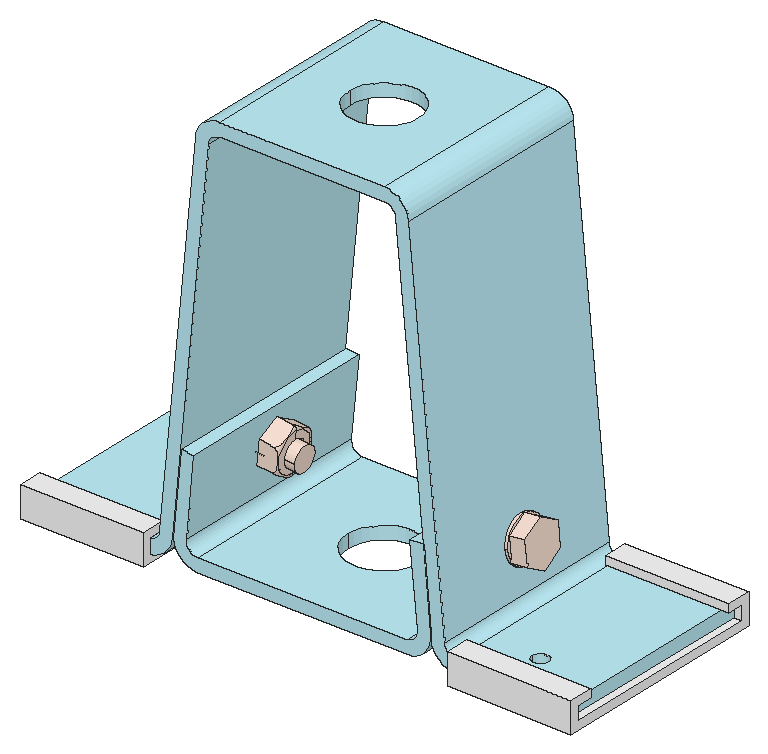
Revit family "standardstand_h100", category 機械設備, Revit 2022
Family settings
  丸型コネクタ寸法 = 直径を使用
  種別 = なし
  パーツ タイプ = 標準
  作業面ベース = いいえ
  常に垂直 = はい
  ロード時にボイドで切り取り = いいえ
  注釈の向きを維持 = いいえ
  共有 = いいえ
  部屋計算ポイント = いいえ
Parameters
  製造元 = "株式会社桐井製作所"
  既定の高さ = 0 mm
  URL = "https://www.kirii.co.jp/"
  K_表面処理 = "Z12以上"
  K_材質 = "溶融亜鉛めっき鋼板及び鋼帯及び鋼帯 JIS G 3302"
  K_名称 = "スタンド (スタンダードタイプ用)H=100"
  K_単位質量(kg/個) = 0.531
  K_備考 = "ボルト長さ300mmまで対応"
  K_バージョン情報 = "20221219"
Reference planes
  plane 1 "中心(正面/背面)": y = 0
  plane 2: z = 0
  plane 3 "中心(左/右)": x = 0
Forms (mm)
  Extrusion 1, solid
    sketch origin (0, 0, 0) x (1, 0, 0) y (0, 0, 1)
      loop
        arc (-20.028, 102.001) -> (-24.061, 100.444) -> (-26, 96.581) r 6
        line (-26, 96.581) -> (-34.644, 7.729)
        arc (-34.644, 7.729) -> (-35.549, 5.926) -> (-37.431, 5.2) r 2.8
        line (-37.431, 5.2) -> (-65, 5.2) -> (-65, 2) -> (-37.431, 2)
        arc (-37.431, 2) -> (-33.399, 3.557) -> (-31.459, 7.419) r 6
        line (-31.459, 7.419) -> (-22.815, 96.272)
        arc (-22.815, 96.272) -> (-21.91, 98.074) -> (-20.028, 98.8) r 2.8
        line (-20.028, 98.8) -> (20.028, 98.8)
        arc (20.028, 98.8) -> (21.91, 98.074) -> (22.815, 96.272) r 2.8
        line (22.815, 96.272) -> (31.459, 7.419)
        arc (31.459, 7.419) -> (33.399, 3.557) -> (37.431, 2) r 6
        line (37.431, 2) -> (65, 2) -> (65, 5.2) -> (37.431, 5.2)
        arc (37.431, 5.2) -> (35.549, 5.926) -> (34.644, 7.729) r 2.8
        line (34.644, 7.729) -> (26, 96.581)
        arc (26, 96.581) -> (24.061, 100.444) -> (20.028, 102.001) r 6
        line (20.028, 102.001) -> (-20.028, 102.001)
    from -25 to 25
  Extrusion 2, solid
    sketch origin (0, 0, 0) x (0, 1, 0) y (0, 0, 1)
      loop
        line (-21, 7.4) -> (-27, 7.4) -> (-27, 0) -> (27, 0) -> (27, 7.4) -> (21, 7.4) -> (21, 5.4) -> (25, 5.4) -> (25, 2) -> (-25, 2) -> (-25, 5.4) -> (-21, 5.4) -> (-21, 7.4)
    from -67 to -37
  Extrusion 3, solid
    sketch origin (99, 0, 0) x (0, 1, 0) y (0, 0, 1)
      loop
        line (-21, 7.4) -> (-27, 7.4) -> (-27, 0) -> (27, 0) -> (27, 7.4) -> (21, 7.4) -> (21, 5.4) -> (25, 5.4) -> (25, 2) -> (-25, 2) -> (-25, 5.4) -> (-21, 5.4) -> (-21, 7.4)
    from -62 to -32
  Extrusion 4, void
    sketch origin (0, 0, 0) x (1, 0, 0) y (0, 1, 0)
      loop
        circle (0, 0) r 8.5
    from 98.8 to 102.001
  Extrusion 5, solid
    sketch origin (0, 0, 0) x (1, 0, 0) y (0, 0, 1)
      loop
        line (29.506, 27.498) -> (26.321, 27.188) -> (28.161, 8.271)
        arc (28.161, 8.271) -> (27.448, 6.118) -> (25.374, 5.2) r 2.8
        line (25.374, 5.2) -> (-25.374, 5.2)
        arc (-25.374, 5.2) -> (-27.448, 6.118) -> (-28.161, 8.271) r 2.8
        line (-28.161, 8.271) -> (-26.321, 27.188) -> (-29.506, 27.498) -> (-31.346, 8.581)
        arc (-31.346, 8.581) -> (-29.817, 3.968) -> (-25.374, 2) r 6
        line (-25.374, 2) -> (25.374, 2)
        arc (25.374, 2) -> (29.817, 3.968) -> (31.346, 8.581) r 6
        line (31.346, 8.581) -> (29.506, 27.498)
    from -25 to 25
  Extrusion 6, void
    sketch origin (20.085, 0, 2.007) x (0, 1, 0) y (-0.096824, 0, 0.995302)
      loop
        circle (0, 15.811) r 3.5
    from 11.844 to 15.044
  Extrusion 7, void
    sketch origin (16.777, 0, 1.833) x (0, 1, 0) y (-0.096824, 0, 0.995302)
      loop
        circle (0, 15.811) r 3.5
    from 11.953 to 15.154
  Extrusion 8, void
    sketch origin (-16.777, 0, 1.833) x (0, 1, 0) y (-0.096824, 0, -0.995302)
      loop
        circle (0, -15.811) r 3.5
    from 11.953 to 15.154
  Extrusion 9, void
    sketch origin (-20.085, 0, 2.007) x (0, 1, 0) y (-0.096824, 0, -0.995302)
      loop
        circle (0, -15.811) r 3.5
    from 11.844 to 15.044
  Extrusion 10, void
    sketch origin (0, 0, 0) x (1, 0, 0) y (0, 1, 0)
      loop
        circle (-50, 15) r 2
      loop
        circle (50, -15) r 2
    from 0 to 5.4
  Extrusion 11, void
    sketch origin (0, 0, 0) x (1, 0, 0) y (0, 1, 0)
      loop
        circle (0, 0) r 8.9
    from 2 to 5.2
Cuts and joins
  Extrusion 4, Extrusion 6, Extrusion 7, Extrusion 9, Extrusion 10 cuts Extrusion 1
  Extrusion 7, Extrusion 8, Extrusion 11 cuts Extrusion 5
  Extrusion 10 cuts Extrusion 2
  Extrusion 10 cuts Extrusion 3
Dimensions and locks
  aligned and locked: level to plane 2
Nested families
  nested 1: "ナットボルト" at (-38.349, 0.063, 19.669) x (0, 1, 0) z (-0.0968, 0, -0.9953), type "ナットボルト"
  nested 2: "ナットボルト" at (38.505, 0.063, 19.684) x (0, 1, 0) z (0.0968, 0, -0.9953), type "ナットボルト"
  nested 3: "ナット(床)" at (-27.144, 0.313, 18.728) x (-0.0968, 0, -0.9953) z (0.9953, 0, -0.0968), type "ナット(床)"
  nested 4: "ナット(床)" at (27.144, 0, 18.728) x (0.0968, 0, -0.9953) z (-0.9953, 0, -0.0968), type "ナット(床)"
Definition of nested family "ナットボルト"
  Parameters (values of type "ナットボルト")
    Manufacturer = "株式会社桐井製作所"
    Default Elevation = 0 mm
    URL = "https://www.kirii.co.jp/"
    K_材料規格 = "M10×L25"
    K_品名 = "M10×25ボルト"
    K_名称 = "M10×25ボルト"
  Reference planes
    plane 1 "中心(正面/背面)": y = 0
    plane 2: z = 0
    plane 3 "中心(左/右)": x = 0
    plane 4 "正面": y = -4
    plane 5: z = 6.928
    plane 6: z = -6.928
  Forms (mm)
    Extrusion 1, solid
      sketch origin (0, 0, 0) x (1, 0, 0) y (0, 0, 1)
        loop
          line (4.98, 2.875) -> (0, 5.75) -> (-4.98, 2.875) -> (-4.98, -2.875) -> (0, -5.75) -> (4.98, -2.875) -> (4.98, 2.875)
      from 0 to 4
    Extrusion 2, solid
      sketch origin (0, 0, 25.676) x (1, 0, 0) y (0, 0, 1)
        loop
          circle (0, -25.676) r 3
      from 4 to 19
    Extrusion 3, solid
      sketch origin (0, 0, 0) x (1, 0, 0) y (0, 0, 1)
        loop
          circle (0, 0) r 5.5
        loop
          circle (0, 0) r 3
      from 4 to 5
  Cuts and joins
    joined: Extrusion 1, Extrusion 2
  Lines and regions (mm)
    model lines
      curve 1: circle (0, 0, 0) r 3 normal (0, -1, 0)
  Dimensions and locks
    aligned and locked: level to plane 2
Definition of nested family "ナット(床)"
  Parameters (values of type "ナット(床)")
    Default Elevation = 1219.2 mm
  Reference planes
    plane 1 "中心(正面/背面)": y = 0
    plane 2: z = 0
    plane 3 "中心(左/右)": x = 0
  Forms (mm)
    Extrusion 1, solid
      sketch origin (0, 0, 0) x (1, 0, 0) y (0, 1, 0)
        loop
          line (-55, 45) -> (-55, -45.273) -> (55.986, -45.273) -> (55.986, 45) -> (-55, 45)
      from 0 to -304.8
    Revolve 2, solid
      sketch origin (0, 0, 2.36) x (1, 0, 0) y (0, 0, 1)
        loop
          line (4.792, 2.64) -> (3, 2.64) -> (3, -2.36) -> (5.818, -2.36) -> (5.818, 1.64)
          arc (5.818, 1.64) -> (5.516, 2.356) -> (4.792, 2.64) r 1
        axis (0, 2.64) -> (0, -2.36)
      angle from 0 to 360
    Extrusion 3, void
      sketch origin (0, 0, 0) x (1, 0, 0) y (0, 1, 0)
        loop
          circle (0, 0) r 6
        loop
          line (5.818, 0) -> (2.909, 5.038) -> (-2.909, 5.038) -> (-5.818, 0) -> (-2.909, -5.038) -> (2.909, -5.038) -> (5.818, 0)
      from 0 to 5
  Cuts and joins
    Extrusion 3 cuts Revolve 2
  Dimensions and locks
    aligned and locked: plane 2 to Extrusion 1
    aligned and locked: level to Extrusion 1
